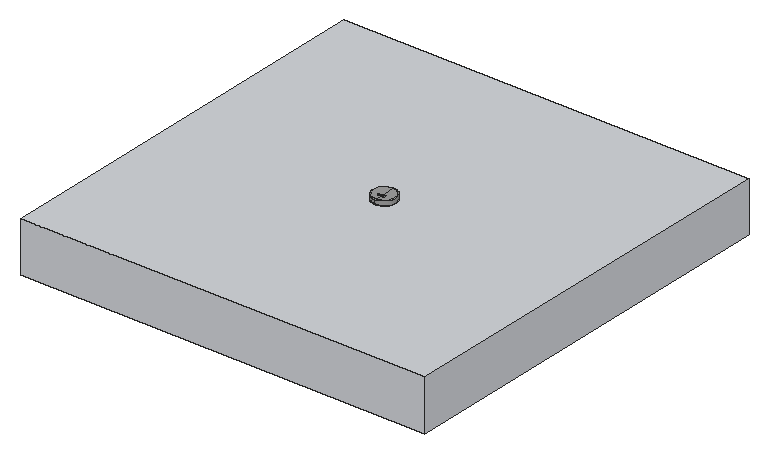
Revit family "2CKA006800A2515", category Elektroinstallationen, Revit 2017
Family settings
  Basisbauteil = Fläche
  Beschriftungsausrichtung beibehalten = Nein
  Bemaßung runder Anschluss = Durchmesser verwenden
  Teiletyp = Normal
  Beim Laden mit Abzugskörper schneiden = Nein
  Gemeinsam genutzt = Nein
  Raumberechnungspunkt = Nein
Parameters
  Default Elevation = 1219.2 mm
  URL = "https://www.busch-jaeger.de/"
  Typname = "Busch-Rauchalarm Relais, studioweiß, Sicherheitstechnik, Busch-Rauchalarm ProfessionalLINE"
  TYPE = "6829-84"
  Produktseite = "https://media.live.bim.site/t/eyJhbGciOiJIUzI1NiIsInR5cCI6IkpXVCJ9.eyJjdCI6MiwidHUiOiJodHRwOi8vYnVzY2gtamFlZ2VyLWthdGFsb2cuZGUvNjgwMC0wLTI1MTUsYXJ0aWtlbC5odG1sIiwiY2lkIjoiZmVkOThlOWEtMWJkOC00YzY4LWE3M2ItNzRhOTRlMzE1ODIzIiwicmlkIjoiN2E0YjgyNTRmMDM4MjVlODJkM2NlYTk3NWNkODllOGEiLCJwaWQiOiJlNzY1NDZmMDc4YTU0MmE3MDk5MTQ3YjEwNWFhMzVjZTgzM2JlZTJkIiwic2lkIjoiNjM3MzIiLCJ1dCI6MSwibGMiOiJkZSIsImlhdCI6MTU4MjE5NTg5OSwiaXNzIjoiaHR0cHM6Ly9hcGkubGl2ZS5iaW0uc2l0ZSIsInN1YiI6ImY1ODZjNGI2LWE1MDgtNDI3YS05ODE4LTEzMTc5NjY1NzZiYyJ9.otELxA-AE-QJZJUlA7v3JnHa3MZ33OSmwHc9B-3Chpc"
  Ist Zubehör = no
  Ist System = no
  Hersteller = "Busch-Jaeger"
  HeinzeBIM = "https://www.heinze.de/bim/busch-rauchalarm-relais-studioweiss-sicherheitstechnik-busch-rauchalarm-professionalline/e76546f078a542a7099147b105aa35ce833bee2d"
  HAN = "2CKA006800A2515"
  Gewicht [kg/m] = 0.26
  Gerätetiefe [mm] = 141
  Gerätehöhe [mm] = 29
  Gerätebreite [mm] = 141
  GTIN = "4011395137468"
  Datenblatt = "https://media.live.bim.site/t/eyJhbGciOiJIUzI1NiIsInR5cCI6IkpXVCJ9.eyJjdCI6MSwidGYiOiJwdWJsaWMvYnVzY2gtamFlZ2VyL2VhZjFmM2IvMkNLQTAwNjgwMEEyNTE1X1JPSFNfMjAxOV8xMF8wNy5wZGYiLCJjaWQiOiJmZWQ5OGU5YS0xYmQ4LTRjNjgtYTczYi03NGE5NGUzMTU4MjMiLCJyaWQiOiI3YTRiODI1NGYwMzgyNWU4MmQzY2VhOTc1Y2Q4OWU4YSIsInBpZCI6ImU3NjU0NmYwNzhhNTQyYTcwOTkxNDdiMTA1YWEzNWNlODMzYmVlMmQiLCJzaWQiOiI2MzczMiIsInV0IjoxLCJsYyI6ImRlIiwiaWF0IjoxNTgyMTk1ODk5LCJpc3MiOiJodHRwczovL2FwaS5saXZlLmJpbS5zaXRlIiwic3ViIjoiZjU4NmM0YjYtYTUwOC00MjdhLTk4MTgtMTMxNzk2NjU3NmJjIn0.6kBvXhntcll63eVIjuT1FPI3a4AkDWZiUFjEgxHHE58/2CKA006800A2515_ROHS_2019_10_07.pdf"
  Beschreibung = "Busch-Rauchalarm Relais, studioweiß, Sicherheitstechnik, Busch-Rauchalarm ProfessionalLINE, Busch-Rauchalarm Relais Geeignet für die Anbindung an externe Systeme wie z.B. KNX über entsprechende Binäreingänge. Geeignet für die Anbindung an externe Systeme wie z. B. Busch-free@home über entsprechende Binäreingänge oder Nebenstelleneingänge der Wireless Sensor-/Aktor-Kombinationen (z.B.6211/1.1-WL). Relaiskontakt: potentialfreier Wechsler 230 V~ max. 5A Leitungsanschluss: bis zu 2 x 2 x 1,5 mm² Mit eingebautem Funkmodul."
  BIMSITE_PRODUCT_ID = "e76546f078a542a7099147b105aa35ce833bee2d"
  BIM = "https://media.live.bim.site/t/eyJhbGciOiJIUzI1NiIsInR5cCI6IkpXVCJ9.eyJjdCI6MSwidGYiOiJwdWJsaWMvYnVzY2gtamFlZ2VyL2VhZjFmM2IvMkNLQTAwNjgwMEEyNTE1LnJmYSIsImNpZCI6ImZlZDk4ZTlhLTFiZDgtNGM2OC1hNzNiLTc0YTk0ZTMxNTgyMyIsInJpZCI6IjdhNGI4MjU0ZjAzODI1ZTgyZDNjZWE5NzVjZDg5ZThhIiwicGlkIjoiZTc2NTQ2ZjA3OGE1NDJhNzA5OTE0N2IxMDVhYTM1Y2U4MzNiZWUyZCIsInNpZCI6IjYzNzMyIiwidXQiOjUsImxjIjoiZGUiLCJpYXQiOjE1ODIxOTU4OTksImlzcyI6Imh0dHBzOi8vYXBpLmxpdmUuYmltLnNpdGUiLCJzdWIiOiJmNTg2YzRiNi1hNTA4LTQyN2EtOTgxOC0xMzE3OTY2NTc2YmMifQ.yxaLme38gwWfTaAnd-8lyFiR4i9kUYxG95cTSa2N4AI/2CKA006800A2515.rfa"
  Art des Zubehörs = "Relaismodul"
Reference planes
  plane 1 "Center (Front/Back)": y = 0
  plane 2: z = 0
  plane 3 "Center (Left/Right)": x = 0
Forms (mm)
  Extrusion 1, solid
    sketch origin (0, 0, 0) x (1, 0, 0) y (0, 1, 0)
      loop
        line (-1219.2, 1219.2) -> (-1219.2, -1219.2) -> (1219.2, -1219.2) -> (1219.2, 1219.2) -> (-1219.2, 1219.2)
    from 0 to -304.8
  Revolve 2, solid, material "White", detail levels fine
    sketch origin (0, 0, 0) x (0, 1, 0) y (0, 0, 1)
      loop
        line (-68.5, 24) -> (-68.5, 2) -> (-70.5, 0) -> (0, 0) -> (0, 27) -> (-65.5, 27) -> (-68.5, 24)
      axis (0, 27) -> (0, 0)
    angle from 0 to 360
  Extrusion 3, solid, material "White", detail levels medium+fine
    sketch origin (0, 0, 0) x (1, 0, 0) y (0, 1, 0)
      loop
        line (-20.008, -17.401) -> (-20.008, -27.401) -> (20.008, -27.401) -> (20.008, -17.401) -> (-20.008, -17.401)
    from 27 to 29
  Extrusion 4, solid, material "White", detail levels medium
    sketch origin (0, 0, 0) x (1, 0, 0) y (0, 1, 0)
      loop
        circle (0, 0) r 70.5
    from 0 to 27
  Extrusion 5, solid, material "White", detail levels coarse
    sketch origin (0, 0, 0) x (1, 0, 0) y (0, 1, 0)
      loop
        circle (0, 0) r 70.5
    from 0 to 29
Lines and regions (mm)
  reference lines
    curve 1: line (0, 70.5, 0) -> (0, -70.5, 0)
Dimensions and locks
  aligned and locked: plane 2 to Extrusion 1
  aligned and locked: level to Extrusion 1
Connectors
  electrical at (0, 0, 0)
    settings: on Revolve 2, index 1, voltage 230 V, apparent load 0 VA, apparent load phase1 0 VA, apparent load phase2 0 VA, apparent load phase3 0 VA, power factor 1, load classification "Other", number of poles 1, system type 31, power factor state 1, is connector primary yes, connector utility no, sub classification motor no, connector description ""
